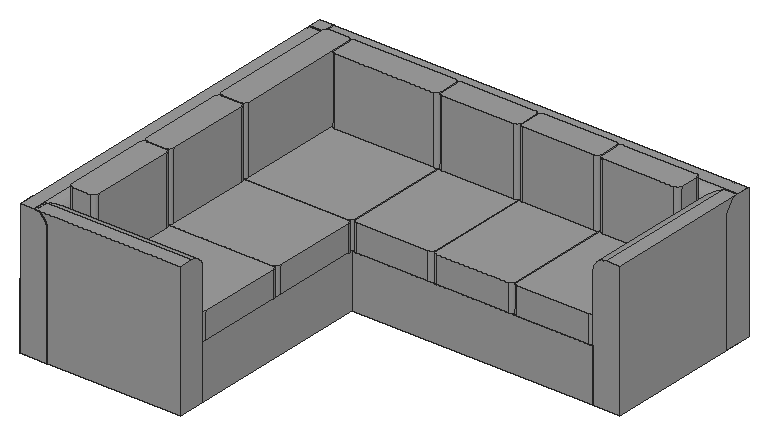
Revit family "Mansfield_Sectional_1924", category Мебель, Revit 2017
Family settings
  На основе рабочей плоскости = Нет
  Всегда вертикально = Да
  При загрузке вырезать с полостями = Нет
  Общий = Нет
  Точка расчета площади = Нет
Reference planes (in)
  plane 1 "Center F/B": y = 0
  plane 2: z = 0
  plane 3 "Center L/R": x = 0
  plane 4: x = -48
  plane 5: x = 48
  plane 6: y = 36
  plane 7: x = -42
  plane 8: x = 42
  plane 9: y = 30
  plane 10: x = -48
  plane 11: z = 30
  plane 12: x = 48
  plane 13: y = -48
  plane 14: y = -48
  plane 15: z = 30
  plane 16: x = -48
  plane 17: x = -12
  plane 18: y = -48
  plane 19: y = 48
  plane 20: x = -48
  plane 21: y = -42
  plane 22: y = 42
  plane 23: x = -42
  plane 24: y = -42
  plane 25: y = -21
  plane 26: x = -12
  plane 27: x = 6
  plane 28: x = 24
  plane 29: x = 42
Forms (in)
  Extrusion 1, solid, material "Fabric"
    sketch origin (0, 0, 0) x (1, 0, 0) y (0, 1, 0)
      loop
        line (-42, 0) -> (42, 0) -> (42, 30) -> (-42, 30) -> (-42, 0)
    from 0 to 12
  Extrusion 2, solid, material "Fabric"
    sketch origin (0, 0, 0) x (-1, 0, 0) y (0, 0, -1)
      loop
        line (-48, 0) -> (-48, -30) -> (-45, -30)
        arc (-45, -30) -> (-42.87868, -29.12132) -> (-42, -27) r 3
        line (-42, -27) -> (-42, 0) -> (-48, 0)
    from 0 to -36
  Extrusion 3, solid, material "Fabric"
    sketch origin (0, 0, 0) x (0, 1, 0) y (0, 0, 1)
      loop
        line (36, 0) -> (36, 30) -> (33.03439, 30)
        arc (33.03439, 30) -> (30.91307, 29.12132) -> (30.03439, 27) r 3
        line (30.03439, 27) -> (30.03439, 0) -> (36, 0)
    from 48 to -48
  Extrusion 4, solid, material "Fabric"
    sketch origin (-12, 0, 0) x (0, 1, 0) y (0, 0, 1)
      loop
        line (-48, 0) -> (-42, 0) -> (-42, 27)
        arc (-42, 27) -> (-42.87868, 29.12132) -> (-45, 30) r 3
        line (-45, 30) -> (-48, 30) -> (-48, 0)
    from 0 to -36
  Extrusion 5, solid, material "Fabric"
    sketch origin (-11.96561, -18, 0) x (-1, 0, 0) y (0, 0, 1)
      loop
        line (36, 0) -> (36, 30) -> (33.03439, 30)
        arc (33.03439, 30) -> (30.91307, 29.12132) -> (30.03439, 27) r 3
        line (30.03439, 27) -> (30.03439, 0) -> (36, 0)
    from 54 to -30
  Extrusion 6, solid, material "Fabric"
    sketch origin (-12, 0, 0) x (0, 1, 0) y (-1, 0, 0)
      loop
        line (-42, 0) -> (0, 0) -> (0, 30) -> (-42, 30) -> (-42, 0)
    from 0 to 12
  Extrusion 7, solid, material "Fabric"
    sketch origin (0, 0, 0) x (1, 0, 0) y (0, 1, 0)
      loop
        line (-13, -21) -> (-41, -21)
        arc (-41, -21) -> (-41.70711, -21.29289) -> (-42, -22) r 1
        line (-42, -22) -> (-42, -41)
        arc (-42, -41) -> (-41.70711, -41.70711) -> (-41, -42) r 1
        line (-41, -42) -> (-13, -42)
        arc (-13, -42) -> (-12.29289, -41.70711) -> (-12, -41) r 1
        line (-12, -41) -> (-12, -22)
        arc (-12, -22) -> (-12.29289, -21.29289) -> (-13, -21) r 1
    from 12 to 18
  Extrusion 8, solid, material "Fabric"
    sketch origin (0, 21, 0) x (1, 0, 0) y (0, 1, 0)
      loop
        line (-13, -21) -> (-41, -21)
        arc (-41, -21) -> (-41.70711, -21.29289) -> (-42, -22) r 1
        line (-42, -22) -> (-42, -41)
        arc (-42, -41) -> (-41.70711, -41.70711) -> (-41, -42) r 1
        line (-41, -42) -> (-13, -42)
        arc (-13, -42) -> (-12.29289, -41.70711) -> (-12, -41) r 1
        line (-12, -41) -> (-12, -22)
        arc (-12, -22) -> (-12.29289, -21.29289) -> (-13, -21) r 1
    from 12 to 18
  Extrusion 9, solid, material "Fabric"
    sketch origin (0, 0, 0) x (1, 0, 0) y (0, 1, 0)
      loop
        line (25, 0) -> (41, 0)
        arc (41, 0) -> (41.70711, 0.29289) -> (42, 1) r 1
        line (42, 1) -> (42, 29)
        arc (42, 29) -> (41.70711, 29.70711) -> (41, 30) r 1
        line (41, 30) -> (25, 30)
        arc (25, 30) -> (24.29289, 29.70711) -> (24, 29) r 1
        line (24, 29) -> (24, 1)
        arc (24, 1) -> (24.29289, 0.29289) -> (25, 0) r 1
    from 12 to 18
  Extrusion 10, solid, material "Fabric"
    sketch origin (-18, 0, 0) x (1, 0, 0) y (0, 1, 0)
      loop
        line (25, 0) -> (41, 0)
        arc (41, 0) -> (41.70711, 0.29289) -> (42, 1) r 1
        line (42, 1) -> (42, 29)
        arc (42, 29) -> (41.70711, 29.70711) -> (41, 30) r 1
        line (41, 30) -> (25, 30)
        arc (25, 30) -> (24.29289, 29.70711) -> (24, 29) r 1
        line (24, 29) -> (24, 1)
        arc (24, 1) -> (24.29289, 0.29289) -> (25, 0) r 1
    from 12 to 18
  Extrusion 11, solid, material "Fabric"
    sketch origin (-36, 0, 0) x (1, 0, 0) y (0, 1, 0)
      loop
        line (25, 0) -> (41, 0)
        arc (41, 0) -> (41.70711, 0.29289) -> (42, 1) r 1
        line (42, 1) -> (42, 29)
        arc (42, 29) -> (41.70711, 29.70711) -> (41, 30) r 1
        line (41, 30) -> (25, 30)
        arc (25, 30) -> (24.29289, 29.70711) -> (24, 29) r 1
        line (24, 29) -> (24, 1)
        arc (24, 1) -> (24.29289, 0.29289) -> (25, 0) r 1
    from 12 to 18
  Extrusion 12, solid, material "Fabric"
    sketch origin (0, 0, 0) x (1, 0, 0) y (0, 1, 0)
      loop
        line (-41, 0) -> (-13, 0)
        arc (-13, 0) -> (-12.29289, 0.29289) -> (-12, 1) r 1
        line (-12, 1) -> (-12, 29)
        arc (-12, 29) -> (-12.29289, 29.70711) -> (-13, 30) r 1
        line (-13, 30) -> (-41, 30)
        arc (-41, 30) -> (-41.70711, 29.70711) -> (-42, 29) r 1
        line (-42, 29) -> (-42, 1)
        arc (-42, 1) -> (-41.70711, 0.29289) -> (-41, 0) r 1
    from 12 to 18
  Extrusion 13, solid, material "Fabric"
    sketch origin (0, 21, 0) x (1, 0, 0) y (0, 1, 0)
      loop
        line (-41, -42) -> (-37, -42)
        arc (-37, -42) -> (-36.29289, -41.70711) -> (-36, -41) r 1
        line (-36, -41) -> (-36, -22)
        arc (-36, -22) -> (-36.29289, -21.29289) -> (-37, -21) r 1
        line (-37, -21) -> (-41, -21)
        arc (-41, -21) -> (-41.70711, -21.29289) -> (-42, -22) r 1
        line (-42, -22) -> (-42, -41)
        arc (-42, -41) -> (-41.70711, -41.70711) -> (-41, -42) r 1
    from 18 to 33
  Extrusion 14, solid, material "Fabric"
    sketch origin (0, 0, 0) x (1, 0, 0) y (0, 1, 0)
      loop
        line (-41, 0) -> (-37, 0)
        arc (-37, 0) -> (-36.29289, 0.29289) -> (-36, 1) r 1
        line (-36, 1) -> (-36, 29)
        arc (-36, 29) -> (-36.29289, 29.70711) -> (-37, 30) r 1
        line (-37, 30) -> (-41, 30)
        arc (-41, 30) -> (-41.70711, 29.70711) -> (-42, 29) r 1
        line (-42, 29) -> (-42, 1)
        arc (-42, 1) -> (-41.70711, 0.29289) -> (-41, 0) r 1
    from 18 to 33
  Extrusion 15, solid, material "Fabric"
    sketch origin (0, 0, 0) x (1, 0, 0) y (0, 1, 0)
      loop
        line (-35, 24) -> (-13, 24)
        arc (-13, 24) -> (-12.29289, 24.29289) -> (-12, 25) r 1
        line (-12, 25) -> (-12, 29)
        arc (-12, 29) -> (-12.29289, 29.70711) -> (-13, 30) r 1
        line (-13, 30) -> (-35, 30)
        arc (-35, 30) -> (-35.70711, 29.70711) -> (-36, 29) r 1
        line (-36, 29) -> (-36, 25)
        arc (-36, 25) -> (-35.70711, 24.29289) -> (-35, 24) r 1
    from 18 to 33
  Extrusion 16, solid, material "Fabric"
    sketch origin (0, 0, 0) x (1, 0, 0) y (0, 1, 0)
      loop
        line (-41, -42) -> (-37, -42)
        arc (-37, -42) -> (-36.29289, -41.70711) -> (-36, -41) r 1
        line (-36, -41) -> (-36, -22)
        arc (-36, -22) -> (-36.29289, -21.29289) -> (-37, -21) r 1
        line (-37, -21) -> (-41, -21)
        arc (-41, -21) -> (-41.70711, -21.29289) -> (-42, -22) r 1
        line (-42, -22) -> (-42, -41)
        arc (-42, -41) -> (-41.70711, -41.70711) -> (-41, -42) r 1
    from 18 to 33
  Extrusion 17, solid, material "Fabric"
    sketch origin (0, 0, 0) x (1, 0, 0) y (0, 1, 0)
      loop
        arc (-11, 30) -> (-11.70711, 29.70711) -> (-12, 29) r 1
        line (-12, 29) -> (-12, 25)
        arc (-12, 25) -> (-11.70711, 24.29289) -> (-11, 24) r 1
        line (-11, 24) -> (5, 24)
        arc (5, 24) -> (5.70711, 24.29289) -> (6, 25) r 1
        line (6, 25) -> (6, 29)
        arc (6, 29) -> (5.70711, 29.70711) -> (5, 30) r 1
        line (5, 30) -> (-11, 30)
    from 18 to 33
  Extrusion 18, solid, material "Fabric"
    sketch origin (18, 0, 0) x (1, 0, 0) y (0, 1, 0)
      loop
        arc (-11, 30) -> (-11.70711, 29.70711) -> (-12, 29) r 1
        line (-12, 29) -> (-12, 25)
        arc (-12, 25) -> (-11.70711, 24.29289) -> (-11, 24) r 1
        line (-11, 24) -> (5, 24)
        arc (5, 24) -> (5.70711, 24.29289) -> (6, 25) r 1
        line (6, 25) -> (6, 29)
        arc (6, 29) -> (5.70711, 29.70711) -> (5, 30) r 1
        line (5, 30) -> (-11, 30)
    from 18 to 33
  Extrusion 19, solid, material "Fabric"
    sketch origin (36, 0, 0) x (1, 0, 0) y (0, 1, 0)
      loop
        arc (-11, 30) -> (-11.70711, 29.70711) -> (-12, 29) r 1
        line (-12, 29) -> (-12, 25)
        arc (-12, 25) -> (-11.70711, 24.29289) -> (-11, 24) r 1
        line (-11, 24) -> (5, 24)
        arc (5, 24) -> (5.70711, 24.29289) -> (6, 25) r 1
        line (6, 25) -> (6, 29)
        arc (6, 29) -> (5.70711, 29.70711) -> (5, 30) r 1
        line (5, 30) -> (-11, 30)
    from 18 to 33
Dimensions and locks (in)
  equal spacing: plane 24, plane 25, plane 1 "Center F/B"
  equal spacing: plane 26, plane 27, plane 28, plane 29
